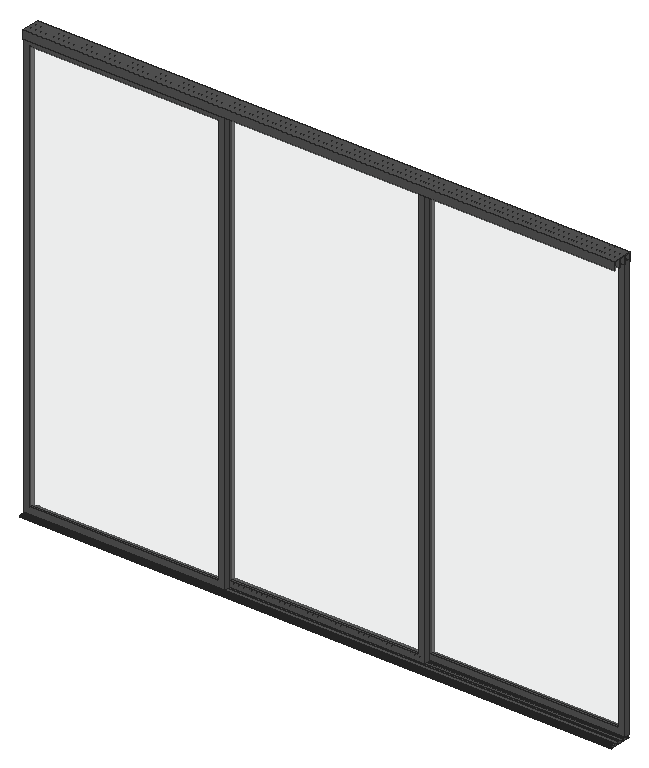
Revit family "Door_FTS RD_The Sliding Door Company_1.5F 3-Panel Triple Track (Ramped)", category Doors, host Wall, Revit 2019 (continued)
Automatic sketch dimensions
  Extrusion 37 sketch curve to Extrusion 37 sketch curve = 0.03986"  (x2)
  Extrusion 37 sketch curve to Extrusion 37 sketch curve = 0.09532"  (x2)
  Extrusion 37 sketch curve to Extrusion 37 sketch curve = 0.05547"  (x2)
  Extrusion 37 sketch curve to Extrusion 37 sketch curve = 0.06662"
  Extrusion 37 sketch curve to Extrusion 37 sketch curve = 0.08276"  (x3)
  Extrusion 37 sketch curve to Extrusion 37 sketch curve = 0.00012"  (x3)
  Extrusion 37 sketch curve to Extrusion 37 sketch curve = 0.03266"  (x2)
  Extrusion 37 sketch curve to Extrusion 37 sketch curve = 0.24475"
  Extrusion 37 sketch curve to Extrusion 37 sketch curve = 0.09928"
  Extrusion 37 sketch curve to Extrusion 37 sketch curve = 0.03873"
  Extrusion 37 sketch curve to Extrusion 37 sketch curve = 0.03876"  (x2)
  Extrusion 37 sketch curve to Extrusion 37 sketch curve = 0.03877"
  Extrusion 37 sketch curve to Extrusion 37 sketch curve = 0.00007"
  Extrusion 37 sketch curve to Extrusion 37 sketch curve = 0.05866"  (x2)
  Extrusion 38 sketch curve to Extrusion 38 sketch curve = 0.03107"  (x2)
  Extrusion 38 sketch curve to Extrusion 38 sketch curve = 0.03284"  (x2)
  Extrusion 38 sketch curve to Extrusion 38 sketch curve = 0.0267"
  Extrusion 38 sketch curve to Extrusion 38 sketch curve = 0.01493"
  Extrusion 38 sketch curve to Extrusion 38 sketch curve = 0.05797"
  Extrusion 38 sketch curve to Extrusion 38 sketch curve = 0.06757"
  Extrusion 38 sketch curve to Extrusion 38 sketch curve = 0.00385"  (x3)
  Extrusion 38 sketch curve to Extrusion 38 sketch curve = 0.04892"  (x3)
  Extrusion 38 sketch curve to Extrusion 38 sketch curve = 0.08869"
  Extrusion 38 sketch curve to Extrusion 38 sketch curve = 0.08957"
  Extrusion 38 sketch curve to Extrusion 38 sketch curve = 0.05788"
  Extrusion 38 sketch curve to Extrusion 38 sketch curve = 0.05"
  Extrusion 38 sketch curve to Extrusion 38 sketch curve = 0.00926"
  Extrusion 38 sketch curve to Extrusion 38 sketch curve = 0.03134"  (x3)
  Extrusion 38 sketch curve to Extrusion 38 sketch curve = 0.03222"
  Extrusion 38 sketch curve to Extrusion 38 sketch curve = 0.05632"
  Extrusion 38 sketch curve to Extrusion 38 sketch curve = 0.03266"
  Extrusion 38 sketch curve to Extrusion 38 sketch curve = 0.06422"
  Extrusion 38 sketch curve to Extrusion 38 sketch curve = 0.03182"
  Extrusion 38 sketch curve to Extrusion 38 sketch curve = 0.03276"
  Extrusion 36 sketch curve to Extrusion 36 sketch curve = 0.05198"
  Extrusion 36 sketch curve to Extrusion 36 sketch curve = 0.05951"
  Extrusion 36 sketch curve to Extrusion 36 sketch curve = 0.07724"
  Extrusion 36 sketch curve to Extrusion 36 sketch curve = 0.03699"
  Extrusion 36 sketch curve to Extrusion 36 sketch curve = 0.18027"
  Extrusion 36 sketch curve to Extrusion 36 sketch curve = 0.00831"
  Extrusion 37 sketch curve to Extrusion 37 sketch curve = 0.05951"  (x6)
  Extrusion 37 sketch curve to Extrusion 37 sketch curve = 0.18027"
  Extrusion 38 sketch curve to Extrusion 38 sketch curve = 0.02303"
  Extrusion 38 sketch curve to Extrusion 38 sketch curve = 0.04257"
  Extrusion 38 sketch curve to Extrusion 38 sketch curve = 0.043"
  Extrusion 38 sketch curve to Extrusion 38 sketch curve = 0.05179"
  Extrusion 38 sketch curve to Extrusion 38 sketch curve = 0.03934"
  Extrusion 38 sketch curve to Extrusion 38 sketch curve = 0.05198"
  Extrusion 4 sketch curve to level = 0"
  Extrusion 4 sketch curve to host wall = 1.00888"
  Extrusion 5 sketch curve to level = 0"
  Extrusion 5 sketch curve to host wall = 0.89511"
  Extrusion 6 sketch curve to level = 0"
  Extrusion 6 sketch curve to host wall = 0.95902"
  plane 23 "2" to Extrusion 39 sketch curve = 1/2"  (x4)
  Extrusion 39 sketch curve to Extrusion 39 sketch curve = 15/256"  (x4)
  plane 20 "Top" to Extrusion 39 sketch curve = 15/256"  (x2)
  Extrusion 39 sketch curve to Extrusion 39 sketch curve = 0"
  Extrusion 39 sketch curve to plane 20 "Top" = 0"
  Extrusion 39 sketch curve to Extrusion 39 sketch curve = 1 1/2"  (x3)
  Extrusion 1 sketch curve to host wall = 0"
